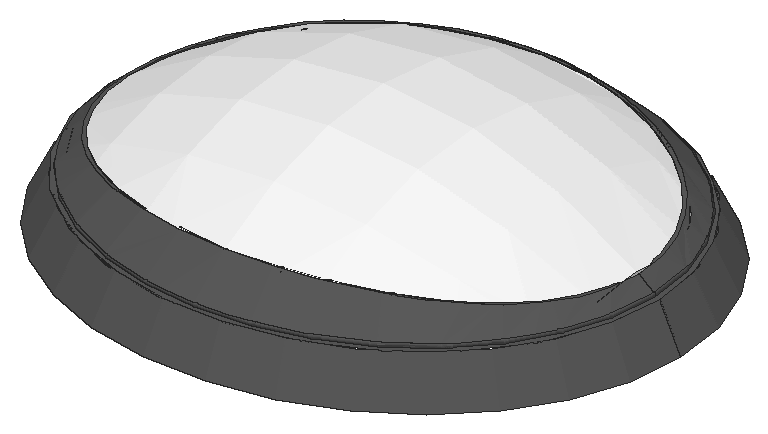
Revit family "4063814 Feilo Sylvania Lighting Fixtures BRIO IP65VR LED 4K EM BLK  G2", category Lighting Fixtures, host Face, Revit 2017
Family settings
  Host = Face
  Round Connector Dimension = Use Diameter
  Part Type = Normal
  OmniClass Number = 23.80.70.00
  OmniClass Title = Lighting
  Cut with Voids When Loaded = No
  Light Source = Yes
  Shared = No
  Room Calculation Point = No
Parameters (values of type "4063814 BRIO IP65VR LED 4K EM BLK  G2 High Output High Output")
  Weight = "3.2 kg"
  Wattage Comments = "n/a"
  Wattage = 19 W
  WarrantyStartDate [instance] = "n/a"
  WarrantyGuarantorParts = "n/a"
  WarrantyDurationUnit = "n/a"
  WarrantyDurationParts = "n/a"
  WarrantyDescription = "n/a"
  built-in parameter 1150110 = 1 (stored number, unit not read)
  Voltage = 230 V
  URL = "http://www.sylvania-lighting.com"
  TypeName = "BRIO IP65VR LED 4K EM BLK  G2"
  Type Image = <None>
  Type Comments = "n/a"
  built-in parameter 1114217 = 1 (stored number, unit not read)
  Tilt Angle = -90.00°
  built-in parameter 1150109 = 1 (stored number, unit not read)
  built-in parameter 1150134 = 12
  built-in parameter 1150113 = 1 (stored number, unit not read)
  SerialNumber [instance] = "n/a"
  ReflectorMaterial = none
  PowerFactor = 0.98
  PowerConsumption = "19 W"
  Photometric Web File = "4063814-EM.ies"
  NominalLength = 104 mm
  NominalHeight = 440 mm
  NominalDepth = 390 mm
  Name = "BRIO IP65VR LED 4K EM BLK  G2"
  ModelReference = Name  # "BRIO IP65VR LED 4K EM BLK  G2"
  ModelNumber = "4063814"
  Model = Name  # "BRIO IP65VR LED 4K EM BLK  G2"
  Material = "aluminium body, polycarbonate diffuser"
  ManufacturerName = "Feilo Sylvania"
  Manufacturer = "Feilo Sylvania"
  LuminousEfficacy = "72 lm/W"
  built-in parameter 1150105 = 108.86 (stored number, unit not read)
  Lumens = 1368 lm
  LuminaireType = ""
  built-in parameter 1150115 = 1 (stored number, unit not read)
  LightOutputRatio = "100"
  built-in parameter 1150137 = (empty or 0)
  built-in parameter 1150139 = (empty or 0)
  LampsType = Lamp  # "LED"
  LampNominalLuminous = "1371 lm"
  LampMacAdamStep = "n/a"
  LampColourTemperature = "4000 K"
  LampColourRenderingIndex = "80"
  built-in parameter 1150112 = 1 (stored number, unit not read)
  built-in parameter 1150114 = 1 (stored number, unit not read)
  Lamp = "LED"
  Keynote = "16500"
  InstallationDate [instance] = "n/a"
  InputVoltage = "230-240V~"
  InputNominalFrequency = "50/60 Hz"
  built-in parameter 1150132 = (empty or 0)
  built-in parameter 1150102 = (empty or 0)
  built-in parameter 1150107 = 4000 (stored number, unit not read)
  built-in parameter 1150138 = (empty or 0)
  IngressProtection = "IP65"
  ImpactProtectionIndex = "IK10"
  built-in parameter 1150106 = 1.0886 (stored number, unit not read)
  IfcExportType = "IfcLightFixtureType"
  IfcExportAs = "IfcLightFixtureType"
  ExpectedLife = 50000
  Emit from Circle Diameter = 300 mm
  Emit Shape Visible in Rendering = no
  ElectricShockClassification = "Class I"
  built-in parameter 1150104 = 6.689 (stored number, unit not read)
  DurationUnit = "hours"
  DocumentationLiterature = "http://www.sylvania-lighting.com/product/en-int/products/4063814"
  DimmingControlOptions = "n/a"
  Dimming Lamp Color Temperature Shift = <None>
  DiffuserMaterial = Diffuser-Sylvania-BrioIP65VR-Opal
  Description = "Led exterior bulkhead, Unique feature allowing a choice between High Output or High Efficiency with the flick of a switch, die-cast aluminium body,  vandal resistant, 717/1371LM, 9/17W, 80/81lm/W, 4000K, Driver Current: 350/750mA, CRI80, Non dimmable, Emergency, IP55,IK10, 50,000hrs (L70), (HxWxD) 358 x 408 x 104mm,  3.2kg, 3 step MacAdam ellipse,  RAL 9005, Class 1, 230V,  energy class: A++, A+, A"
  Default Elevation = 1219.2 mm
  CreatedOn = "23/11/2017"
  CreatedBy = ""
  Cost = 0
  Color Filter = 16777215
  built-in parameter 1114216 [instance] = (empty or 0)
  ClassificationValue = "EF_70_80"
  ClassificationName = "Uniclass2015"
  BodyMaterial = Body-Sylvania-BrioIP65VR-Black
  BarCode [instance] = "n/a"
  built-in parameter 1114218 = 1 (stored number, unit not read)
  built-in parameter 1150133 = 10 (stored number, unit not read)
  AssetType = "Fixed"
  AssetIdentifier [instance] = "n/a"
  Assembly Code = "D5020200"
  Apparent Load = 19 VA
  AccessoryMaterial = none
Types (2, lengths in mm): name | Wattage | PowerConsumption | built-in parameter 1150105 | Lumens | LampNominalLuminous | built-in parameter 1150106 | Apparent Load
  4063814 BRIO IP65VR LED 4K EM BLK  G2 High Output High Output | 19 W | "19 W" | 108.86 (stored number, unit not read) | 1368 lm | "1371 lm" | 1.0886 (stored number, unit not read) | 19 VA
  4063814 BRIO IP65VR LED 4K EM BLK  G2 High Efficiency High Efficiency | 11 W | "11 W" | 63.025 (stored number, unit not read) | 792 lm | "717 lm" | 0.63025 (stored number, unit not read) | 11 VA
Reference planes
  plane 1 "Center (Front/Back)": y = 0
  plane 2: z = 0
  plane 3 "Center (Left/Right)": x = 0
  plane 4: x = 220
  plane 5: x = -220
  plane 6: y = 195
  plane 7: y = -195
  plane 8: z = 104
  plane 9: z = 32.5
  plane 10: z = 60
  plane 11: x = -172.7
  plane 12: x = -203.7
  plane 13: z = 45
  plane 14: y = -147.7
  plane 15: y = 147.7
  plane 16: z = 58.9
  plane 17: y = 146.8
  plane 18: y = -146.8
  plane 19: y = -148.7
  plane 20: y = 148.7
  plane 21: x = -193.7
Forms (mm)
  Blend 1, solid, material "Body-Sylvania-BrioIP65VR-Black" <- "BodyMaterial"
    base sketch origin (0, 0, 0) x (1, 0, 0) y (0, 1, 0)
      loop
        spline (-220, 0) -> (-212.504, -50.47) -> (-190.526, -97.5) -> (-155.563, -137.886) -> (-110, -168.875) -> (-56.94, -188.356) -> (0, -195) -> (56.94, -188.356) -> (110, -168.875) -> (155.563, -137.886) -> (190.526, -97.5) -> (212.504, -50.47) -> (220, 0)
        spline (220, 0) -> (212.504, 50.47) -> (190.526, 97.5) -> (155.563, 137.886) -> (110, 168.875) -> (56.94, 188.356) -> (0, 195) -> (-56.94, 188.356) -> (-110, 168.875) -> (-155.563, 137.886) -> (-190.526, 97.5) -> (-212.504, 50.47) -> (-220, 0)
    top sketch origin (0, 0, 0) x (1, 0, 0) y (0, 1, 0)
      loop
        spline (-203.75, 0) -> (-196.807, -46.329) -> (-176.453, -89.5) -> (-144.073, -126.572) -> (-101.875, -155.019) -> (-52.734, -172.901) -> (0, -179) -> (52.734, -172.901) -> (101.875, -155.019) -> (144.073, -126.572) -> (176.453, -89.5) -> (196.807, -46.329) -> (203.75, 0)
        spline (203.75, 0) -> (196.807, 46.329) -> (176.453, 89.5) -> (144.073, 126.572) -> (101.875, 155.019) -> (52.734, 172.901) -> (0, 179) -> (-52.734, 172.901) -> (-101.875, 155.019) -> (-144.073, 126.572) -> (-176.453, 89.5) -> (-196.807, 46.329) -> (-203.75, 0)
    from 0 to 32.5
  Sweep 2, solid, material "Body-Sylvania-BrioIP65VR-Black" <- "BodyMaterial"
    path in 3D
      loop
        spline (203.75, 0, 32.5) -> (196.807, -46.329, 32.5) -> (176.453, -89.5, 32.5) -> (144.073, -126.572, 32.5) -> (101.875, -155.019, 32.5) -> (52.734, -172.901, 32.5) -> (0, -179, 32.5) -> (-52.734, -172.901, 32.5) -> (-101.875, -155.019, 32.5) -> (-144.073, -126.572, 32.5) -> (-176.453, -89.5, 32.5) -> (-196.807, -46.329, 32.5) -> (-203.75, 0, 32.5)
        spline (-203.75, 0, 32.5) -> (-196.807, 46.329, 32.5) -> (-176.453, 89.5, 32.5) -> (-144.073, 126.572, 32.5) -> (-101.875, 155.019, 32.5) -> (-52.734, 172.901, 32.5) -> (0, 179, 32.5) -> (52.734, 172.901, 32.5) -> (101.875, 155.019, 32.5) -> (144.073, 126.572, 32.5) -> (176.453, 89.5, 32.5) -> (196.807, 46.329, 32.5) -> (203.75, 0, 32.5)
    profile origin (-203.75, 0, 32.5) x (-1, 0, 0) y (0, 0, 1)
      loop
        line (-31.05, 27.5) -> (-32.113, 26.437) -> (-10.05, 6.897) -> (-10.05, 1.5) -> (-31.05, 1.5) -> (-31.05, 0) -> (-5.172, 0)
        arc (-5.172, 0) -> (-3.338, 1.266) -> (-3.872, 3.429) r 1.961
        line (-3.872, 3.429) -> (-31.05, 27.5)
  Extrusion 3, void
    sketch origin (0, 0, 0) x (0, 1, 0) y (0, 0, 1)
      loop
        arc (-148.7, 60) -> (0, 45) -> (148.7, 60) r 744.556
        line (148.7, 60) -> (-148.7, 60)
    from -220 to 220
  Sweep 4, solid, material "Diffuser-Sylvania-BrioIP65VR-Opal" <- "DiffuserMaterial"
    path in 3D
      loop
        arc (0, 146.8, 58.9) -> (0, 0, 104) -> (0, -146.8, 58.9) r 261.466
    profile origin (0, 0, 104) x (0, 0, -1) y (1, 0, 0)
      loop
        line (59, -187.374) -> (61.459, -185.655)
        arc (61.459, -185.655) -> (3, 0) -> (61.459, 185.655) r 324.034
        line (61.459, 185.655) -> (59, 187.374)
        arc (59, 187.374) -> (0, 0) -> (59, -187.374) r 327.034
  Extrusion 5, void
    sketch origin (0, 0, 0) x (1, 0, 0) y (0, 1, 0)
      loop
        spline (-193.7, 0) -> (-187.1, -38.486) -> (-167.749, -74.35) -> (-136.967, -105.147) -> (-96.85, -128.778) -> (-50.133, -143.633) -> (0, -148.7) -> (50.133, -143.633) -> (96.85, -128.778) -> (136.967, -105.147) -> (167.749, -74.35) -> (187.1, -38.486) -> (193.7, 0)
        spline (193.7, 0) -> (187.1, 38.486) -> (167.749, 74.35) -> (136.967, 105.147) -> (96.85, 128.778) -> (50.133, 143.633) -> (0, 148.7) -> (-50.133, 143.633) -> (-96.85, 128.778) -> (-136.967, 105.147) -> (-167.749, 74.35) -> (-187.1, 38.486) -> (-193.7, 0)
      loop
        line (-203.7, 195) -> (-203.7, -195) -> (220, -195) -> (220, 195) -> (-203.7, 195)
    from 0 to 60
Cuts and joins
  Extrusion 3 cuts Sweep 2
  Extrusion 5 cuts Sweep 4
Lines and regions (mm)
  sketch lines
    curve 1: spline (-203.75, 0, 32.5) -> (-196.807, 46.329, 32.5) -> (-176.453, 89.5, 32.5) -> (-144.073, 126.572, 32.5) -> (-101.875, 155.019, 32.5) -> (-52.734, 172.901, 32.5) -> (0, 179, 32.5) -> (52.734, 172.901, 32.5) -> (101.875, 155.019, 32.5) -> (144.073, 126.572, 32.5) -> (176.453, 89.5, 32.5) -> (196.807, 46.329, 32.5) -> (203.75, 0, 32.5)
    curve 2: spline (203.75, 0, 32.5) -> (196.807, -46.329, 32.5) -> (176.453, -89.5, 32.5) -> (144.073, -126.572, 32.5) -> (101.875, -155.019, 32.5) -> (52.734, -172.901, 32.5) -> (0, -179, 32.5) -> (-52.734, -172.901, 32.5) -> (-101.875, -155.019, 32.5) -> (-144.073, -126.572, 32.5) -> (-176.453, -89.5, 32.5) -> (-196.807, -46.329, 32.5) -> (-203.75, 0, 32.5)
    curve 4: arc (0, 146.8, 58.9) -> (0, 0, 104) -> (0, -146.8, 58.9) r 261.466
  reference lines
    curve 3: arc (0, 146.8, 58.9) -> (0, 0, 104) -> (0, -146.8, 58.9) r 261.466
Dimensions and locks
  equal spacing: plane 5, plane 3 "Center (Left/Right)", plane 4
  locked: plane 5 to plane 4 at 440
  equal spacing: plane 7, plane 1 "Center (Front/Back)", plane 6
  locked: plane 7 to plane 6 at 390
  locked: plane 8 to plane 2 at 104
  plane 9 to plane 2 = 32.5 mm
  locked: Blend 1 sketch curve to Blend 1 sketch curve at 195
  locked: Blend 1 sketch curve to Blend 1 sketch curve at 220
  locked: Blend 1 sketch curve to Blend 1 sketch curve at 203.75
  locked: Blend 1 sketch curve to Blend 1 sketch curve at 179
  locked: plane 10 to plane 9 at 27.5
  locked: plane 12 to plane 5 at 16.3
  locked: plane 11 to plane 5 at 47.3
  locked: plane 10 to plane 13 at 15
  equal spacing: plane 14, plane 1 "Center (Front/Back)", plane 15
  locked: plane 7 to plane 14 at 47.3
  locked: Sweep 2 sketch curve to Sweep 2 sketch curve at 1.5
  locked: Sweep 2 sketch curve to plane 9 at 1.5
  locked: plane 16 to plane 10 at 1.1
  equal spacing: plane 18, plane 1 "Center (Front/Back)", plane 17
  locked: plane 14 to plane 18 at 0.9
  locked: plane 2 to curve 3 at 157.466
  equal spacing: plane 19, plane 1 "Center (Front/Back)", plane 20
  locked: plane 19 to plane 14 at 1
  locked: Extrusion 3 sketch curve to plane 2 at 789.556
  locked: plane 21 to plane 12 at 10
  aligned and locked: plane 2 to host face
  aligned and locked: level to host face
  aligned and locked: plane 3 "Center (Left/Right)" to Blend 1 sketch curve  (x2)
  aligned and locked: plane 1 "Center (Front/Back)" to Blend 1 sketch curve  (x4)
  aligned and locked: Blend 1 to plane 9
  aligned and locked: Sweep 2 sketch curve to profile plane
  aligned and locked: plane 4 to Extrusion 3
  aligned and locked: plane 10 to Sweep 2 sketch curve
  aligned and locked: plane 17 to curve 3
  aligned and locked: plane 16 to curve 3  (x2)
  aligned and locked: plane 18 to curve 3
  aligned and locked: plane 13 to Sweep 4 sketch curve
  aligned and locked: plane 10 to Extrusion 3 sketch curve
  aligned and locked: plane 20 to Extrusion 3 sketch curve
  aligned and locked: plane 19 to Extrusion 3 sketch curve
  aligned and locked: plane 1 "Center (Front/Back)" to Extrusion 3 sketch curve
  aligned and locked: Extrusion 3 to plane 5
  aligned and locked: imposter light to plane 8
  aligned and locked: plane 3 "Center (Left/Right)" to imposter light
  aligned and locked: imposter light to plane 1 "Center (Front/Back)"
  aligned and locked: plane 21 to Sweep 2 sketch curve
  aligned and locked: Sweep 2 sketch curve to plane 21
  aligned and locked: plane 3 "Center (Left/Right)" to Extrusion 5 sketch curve
  aligned and locked: plane 1 "Center (Front/Back)" to Extrusion 5 sketch curve  (x2)
  aligned and locked: plane 6 to Extrusion 5 sketch curve
  aligned and locked: Extrusion 5 sketch curve to plane 7
  aligned and locked: Extrusion 5 sketch curve to plane 4
  aligned and locked: plane 12 to Extrusion 5 sketch curve
  aligned and locked: Extrusion 5 to level
  aligned and locked: Extrusion 5 to plane 10
Automatic sketch dimensions
  host sketch curve to host sketch curve = 2438.4 mm  (x2)
  Sweep 4 sketch curve to Sweep 4 sketch curve = 0 mm  (x2)
  Sweep 4 sketch curve to profile plane = 0 mm
  Sweep 4 sketch curve to Sweep 4 sketch curve = 2.459 mm  (x2)
  Sweep 4 sketch curve to Sweep 4 sketch curve = 265.575 mm
  Sweep 4 sketch curve to profile plane = 185.655 mm
  Sweep 4 sketch curve to Sweep 4 sketch curve = 1.719 mm
  Sweep 4 sketch curve to profile plane = 59 mm
  Sweep 2 sketch curve to Sweep 2 sketch curve = 21 mm
  Sweep 2 sketch curve to Sweep 2 sketch curve = 0 mm
  profile plane to Sweep 2 sketch curve = 26.437 mm
  Sweep 2 sketch curve to Sweep 2 sketch curve = 1.063 mm
  profile plane to Sweep 2 sketch curve = 1.961 mm
  profile plane to Sweep 2 sketch curve = 3.429 mm
  Extrusion 5 sketch curve to plane 21 = 0 mm
Connectors
  electrical at (0, 0, 0), driven by "Apparent Load", driven by "PowerFactor", driven by "Voltage"
    settings: index 1, voltage 230 V, apparent load 19 VA, apparent load phase1 0 VA, apparent load phase2 0 VA, apparent load phase3 0 VA, power factor 0.98, load classification "Lighting", number of poles 1, system type 30, power factor state 1, is connector primary yes, connector utility no, sub classification motor no, connector description ""
